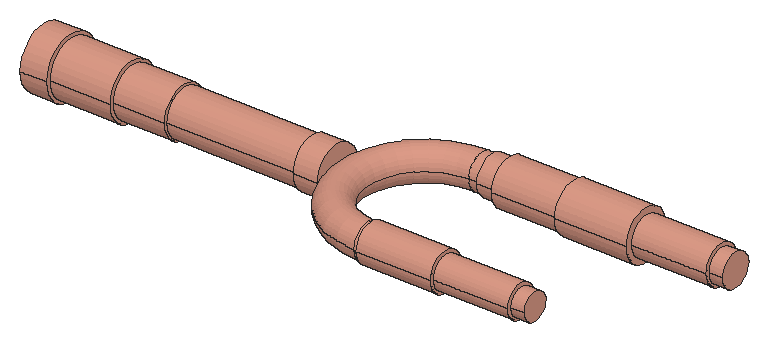
Revit family "outputfile", category 配管付属品, Revit 2024
Family settings
  丸型コネクタ寸法 = 半径を使用
  パーツ タイプ = 標準
  OmniClass 番号 = 23.65.55.00
  OmniClass タイトル = Distribution of Supplied Liquids/Gases
  作業面ベース = いいえ
  常に垂直 = はい
  ロード時にボイドで切り取り = いいえ
  共有 = いいえ
Parameters (values of type "KHRP24B72T")
  Description = ""
  製造元 = "Daikin"
  書き出し IFC クラス(タイプ) = "IfcPipeFittingType"
  定義済み IFC タイプ(タイプ) = "JUNCTION"
  Cost = 0
  Type Comments = ""
  Keynote = ""
  Type Image = (empty or 0)
  Assembly Code = ""
  switch_StraightPipe_Reducer2 [instance] = if(Is_StraightPipe Reducer = 1, 1 = 1, 1 = 0)  # no
  switch_StraightPipe1 [instance] = if(number_StraightPipe < 1, 1 = 0, 1 = 1)  # yes
  switch_StraightPipe4 [instance] = if(number_StraightPipe = 4, 1 = 1, 1 = 0)  # yes
  switch_StraightPipe0 = if(1 = 1, 1 = 1, 1 = 0)  # yes
  switch_Inlet pipe1 [instance] = if(number_InletPipe = 0, 1 = 0, 1 = 1)  # yes
  switch_BranchPipe1 [instance] = if(number_BranchPipe = 0, 1 = 0, 1 = 1)  # yes
  mm⇔inch [instance] = yes
  l_dividePipe2 [instance] = size_lookup(table_Inlet, "L_devidePipe2", 49.3 mm, モデル)  # 51.08 mm
  l_dividePipe0 [instance] = 9.1 mm
  l_StraightPipe000 [instance] = if(l_StraightPipe0 = 36.0 mm, l_StraightPipe4 + l_StraightPipe0, 0.0 mm)  # 0.0 mm
  l_StraightPipe4 [instance] = size_lookup(table_StraightPipe, "L_Pipe4", 2.0 mm, モデル)  # 8.0 mm
  l_InletPipe000 [instance] = if(l_InletPipe3 = 2.0 mm, 0.0 mm, l_InletPipe3)  # 15.01 mm
  l_InletPipe00 = 13.48 mm
  l_BranchPipe_Straight2 [instance] = size_lookup(table_BranchPipe, "L_offsetPipe2", 2.0 mm, モデル)  # 2.0 mm
  l_BranchPipe_Straight1 [instance] = size_lookup(table_BranchPipe, "L_offsetPipe1", 2.0 mm, モデル)  # 2.0 mm
  URL = ""
  Is_StraightPipe Reducer1 [instance] = size_lookup(table_StraightPipe, "IsReducer1", 0, モデル, StraightPipe_Gas_ActualDiameter)  # 0
  I.D_StraightPipe4 [instance] = size_lookup(table_StraightPipe, "I.D_PipeSize4", 2.0 mm, モデル)  # 15.9 mm
  I.D_InletPipe000 [instance] = I.D_OutletPipe + 2.0 mm  # 19.05 mm
  I.D_InletPipe00 = 25.5 mm
  既定の高さ = 0.0 mm
  モデル = "KHRP24B72T"
  table_StraightPipe [instance] = if(mm⇔inch, "Refnet Joint_KHRP24B-T_Gas_StraightPipe", "Refnet Joint_KHRP24B-T_Gas_StraightPipe_inch")  # "Refnet Joint_KHRP24B-T_Gas_StraightPipe"
  table_BranchPipe [instance] = if(mm⇔inch, "Refnet Joint_KHRP24B-T_Gas_BranchPipe", "Refnet Joint_KHRP24B-T_Gas_BranchPipe_inch")  # "Refnet Joint_KHRP24B-T_Gas_BranchPipe"
  table_Inlet [instance] = if(mm⇔inch, "Refnet Joint_KHRP24B-T_Gas_Inlet", "Refnet Joint_KHRP24B-T_Gas_Inlet_inch")  # "Refnet Joint_KHRP24B-T_Gas_Inlet"
  switch_StraightPipe_Reducer1 [instance] = if(Is_StraightPipe Reducer1 = 1, 1 = 1, 1 = 0)  # no
  switch_StraightPipe3 [instance] = if(number_StraightPipe < 3, 1 = 0, 1 = 1)  # yes
  switch_StraightPipe2 [instance] = if(number_StraightPipe < 2, 1 = 0, 1 = 1)  # yes
  switch_BranchPipe_Reducer [instance] = if(Is_BranchPipe Reducer = 1, 1 = 1, 1 = 0)  # no
  switch_BranchPipe3 [instance] = if(number_BranchPipe = 3, 1 = 1, 1 = 0)  # yes
  switch_BranchPipe2 [instance] = if(number_BranchPipe < 2, 1 = 0, 1 = 1)  # yes
  switch_Inlet pipe_Reducer [instance] = if(Is_Inlet Reducer = 1, 1 = 1, 1 = 0)  # no
  switch_Inlet pipe3 [instance] = if(number_InletPipe = 3, 1 = 1, 1 = 0)  # yes
  switch_Inlet pipe2 [instance] = if(number_InletPipe < 2, 1 = 0, 1 = 1)  # yes
  Uniclass2015Version = "Products v1.31"
  Uniclass2015Title = "Copper pipe fittings"
  Uniclass2015Code = "Pr_65_52_63_18"
  StraightPipe_Gas_ActualDiameter [instance] = 15.9 mm
  Material_Piping = DAIKIN_Copper_Pipe
  Material_Insulation = DAIKIN_White_Insulation
  lw_Insulation [instance] = size_lookup(table_Inlet, "lw_Insulation", 45.0 mm, モデル)  # 58.39 mm
  Unit Type = "KHRP24B-T_Gas"
  Tag No. [instance] = ""
  StraightPipe_Gas_Status [instance] = size_lookup(table_StraightPipe, "Information", "The connected pipe size is not available.", モデル, StraightPipe_Gas_ActualDiameter)  # "Default connector size is used."
  Link_Nested Family [instance] = ""
  Inlet_Gas_Actual Diameter [instance] = 31.8 mm
  IfcVersion = ""
  IfcExportType = "JUNCTION"
  IfcExportAs = "IfcPipeFittingType"
  BranchPipe_Gas_Status [instance] = size_lookup(table_BranchPipe, "Information", "The connected pipe size is not available.", モデル, BranchPipe_Gas_ActualDiameter)  # "Default connector size is used."
  Inlet_Gas_Status [instance] = size_lookup(table_Inlet, "Information", "The connected pipe size is not available.", モデル, Inlet_Gas_Actual Diameter)  # "Default connector size is used."
  Series = "Refnet Joint"
  r_StraightPipe_Connector [instance] = StraightPipe_Gas_ActualDiameter / 2  # 7.95 mm
  r_BranchPipe_Connector [instance] = BranchPipe_Gas_ActualDiameter / 2  # 6.35 mm
  r_Inlet_Connector [instance] = Inlet_Gas_Actual Diameter / 2  # 15.9 mm
  number_StraightPipe [instance] = size_lookup(table_StraightPipe, "pipeNumber", 2, モデル, StraightPipe_Gas_ActualDiameter)  # 4
  number_BranchPipe [instance] = size_lookup(table_BranchPipe, "pipeNumber", 2, モデル, BranchPipe_Gas_ActualDiameter)  # 3
  number_InletPipe [instance] = size_lookup(table_Inlet, "pipeNumber", 3, モデル, Inlet_Gas_Actual Diameter)  # 3
  l_BranchPipe connector [instance] = size_lookup(table_BranchPipe, "Length", 52.3 mm, モデル, BranchPipe_Gas_ActualDiameter)  # 91.44 mm
  l_inlet connector [instance] = size_lookup(table_Inlet, "Length", 131.5 mm, モデル, Inlet_Gas_Actual Diameter)  # 163.48 mm
  l_dividePipe1 [instance] = size_lookup(table_Inlet, "L_devidePipe1", 89.3 mm, モデル)  # 54.52 mm
  l_StraightPipeReducer [instance] = size_lookup(table_StraightPipe, "L_Reducer", 2.0 mm, モデル, StraightPipe_Gas_ActualDiameter)  # 2.0 mm
  l_StraightPipe3 [instance] = size_lookup(table_StraightPipe, "L_Pipe3", 2.0 mm, モデル)  # 42.0 mm
  l_StraightPipe2 [instance] = size_lookup(table_StraightPipe, "L_Pipe2", 8.7 mm, モデル)  # 40.0 mm
  l_StraightPipe1 [instance] = size_lookup(table_StraightPipe, "L_Pipe1", 43.6 mm, モデル)  # 36.0 mm
  l_StraightPipe0 [instance] = size_lookup(table_StraightPipe, "L_Pipe0", 2.0 mm, モデル)  # 10.0 mm
  l_StraightPipe connector [instance] = size_lookup(table_StraightPipe, "Length", 52.3 mm, モデル, StraightPipe_Gas_ActualDiameter)  # 136.0 mm
  l_BranchPipe Reducer [instance] = size_lookup(table_BranchPipe, "L_Reducer", 2.0 mm, モデル, BranchPipe_Gas_ActualDiameter)  # 2.0 mm
  l_BranchPipe3 [instance] = size_lookup(table_BranchPipe, "L_Pipe3", 2.0 mm, モデル)  # 8.0 mm
  l_BranchPipe2 [instance] = size_lookup(table_BranchPipe, "L_Pipe2", 8.7 mm, モデル)  # 42.0 mm
  l_BranchPipe1 [instance] = size_lookup(table_BranchPipe, "L_Pipe1", 43.6 mm, モデル)  # 41.44 mm
  l_BranchPipe0 [instance] = size_lookup(table_BranchPipe, "L_Pipe0", 2.0 mm, モデル)  # 2.0 mm
  l_InletReducer [instance] = size_lookup(table_Inlet, "L_Reducer", 2.0 mm, モデル, Inlet_Gas_Actual Diameter)  # 2.0 mm
  l_InletPipe3 [instance] = size_lookup(table_Inlet, "L_Pipe3", 8.0 mm, モデル)  # 15.01 mm
  l_InletPipe2 [instance] = size_lookup(table_Inlet, "L_Pipe2", 42.0 mm, モデル)  # 34.01 mm
  l_InletPipe1 [instance] = size_lookup(table_Inlet, "L_Pipe1", 41.4 mm, モデル)  # 29.09 mm
  l_InletPipe0 [instance] = size_lookup(table_Inlet, "L_Pipe0", 28.6 mm, モデル)  # 71.89 mm
  center_StraightPipe [instance] = size_lookup(table_StraightPipe, "center_Pipe", 40.0 mm, モデル)  # 40.0 mm
  center_BranchPipe [instance] = size_lookup(table_BranchPipe, "center_OffsetPipe", 40.0 mm, モデル)  # 40.0 mm
  StraightPipe_Gas_AvailableDiameter [instance] = size_lookup(table_StraightPipe, "sizeVariation", "", モデル)  # "15.9/19.1/22.2/25.4/28.6mm"
  BranchPipe_Gas_AvailableDiameter [instance] = size_lookup(table_BranchPipe, "sizeVariation", "", モデル)  # "12.7/15.9/19.1/22.2mm"
  Inlet_Gas_Available Diameter [instance] = size_lookup(table_Inlet, "sizeVariation", "", モデル)  # "25.4/28.6/31.8mm"
  O.D_StraightPipe Reducer [instance] = size_lookup(table_StraightPipe, "O.D_reducer", 2.0 mm, モデル, StraightPipe_Gas_ActualDiameter)  # 2.0 mm
  O.D_Offset Outlet Reducer [instance] = size_lookup(table_BranchPipe, "O.D_reducer", 2.0 mm, モデル, BranchPipe_Gas_ActualDiameter)  # 2.0 mm
  O.D_Inlet Reducer [instance] = size_lookup(table_Inlet, "O.D_reducer", 2.0 mm, モデル, Inlet_Gas_Actual Diameter)  # 2.0 mm
  Is_StraightPipe Reducer [instance] = size_lookup(table_StraightPipe, "IsReducer", 0, モデル, StraightPipe_Gas_ActualDiameter)  # 0
  Is_BranchPipe Reducer [instance] = size_lookup(table_BranchPipe, "IsReducer", 0, モデル, BranchPipe_Gas_ActualDiameter)  # 0
  Is_Inlet Reducer [instance] = size_lookup(table_Inlet, "IsReducer", 0, モデル, Inlet_Gas_Actual Diameter)  # 0
  BranchPipe_Gas_ActualDiameter [instance] = 12.7 mm
  Attach_Insulation [instance] = no
  I.D_StraightPipe3 [instance] = size_lookup(table_StraightPipe, "I.D_PipeSize3", 2.0 mm, モデル)  # 19.1 mm
  I.D_StraightPipe2 [instance] = size_lookup(table_StraightPipe, "I.D_PipeSize2", 12.7 mm, モデル)  # 25.4 mm
  I.D_StraightPipe1 [instance] = size_lookup(table_StraightPipe, "I.D_PipeSize1", 15.9 mm, モデル)  # 23.4 mm
  I.D_StraightPipe0 [instance] = size_lookup(table_StraightPipe, "I.D_PipeSize0", 2.0 mm, モデル)  # 19.1 mm
  I.D_BranchPipe3 [instance] = size_lookup(table_BranchPipe, "I.D_PipeSize3", 2.0 mm, モデル)  # 12.7 mm
  I.D_BranchPipe2 [instance] = size_lookup(table_BranchPipe, "I.D_PipeSize2", 12.7 mm, モデル)  # 15.9 mm
  I.D_BranchPipe1 [instance] = size_lookup(table_BranchPipe, "I.D_PipeSize1", 15.9 mm, モデル)  # 19.1 mm
  I.D_BranchPipe0 [instance] = size_lookup(table_BranchPipe, "I.D_PipeSize0", 2.0 mm, モデル)  # 2.0 mm
  I.D_Straight Reducer [instance] = size_lookup(table_StraightPipe, "I.D_reducer", 2.0 mm, モデル, StraightPipe_Gas_ActualDiameter)  # 2.0 mm
  I.D_OutletPipe [instance] = size_lookup(table_Inlet, "I.D_OutletPipeSize", 13.9 mm, モデル, Inlet_Gas_Actual Diameter)  # 17.05 mm
  I.D_Branch Reducer [instance] = size_lookup(table_BranchPipe, "I.D_reducer", 2.0 mm, モデル, BranchPipe_Gas_ActualDiameter)  # 2.0 mm
  I.D_Inlet Reducer [instance] = size_lookup(table_Inlet, "I.D_reducer", 2.0 mm, モデル, Inlet_Gas_Actual Diameter)  # 2.0 mm
  I.D_InletPipe3 [instance] = size_lookup(table_Inlet, "I.D_PipeSize3", 12.7 mm, モデル)  # 31.8 mm
  I.D_InletPipe2 [instance] = size_lookup(table_Inlet, "I.D_PipeSize2", 15.9 mm, モデル)  # 28.6 mm
  I.D_InletPipe1 [instance] = size_lookup(table_Inlet, "I.D_PipeSize1", 19.1 mm, モデル)  # 25.4 mm
  I.D_InletPipe0 [instance] = size_lookup(table_Inlet, "I.D_PipeSize0", 17.1 mm, モデル)  # 23.4 mm
Reference planes
  plane 1 "Center (Front/Back)": y = 0
  plane 2: z = 0
  plane 3 "base_left": x = 0
  plane 4: x = 15.01
  plane 5: x = 49.02
  plane 6: x = 78.11
  plane 7: x = 150
  plane 8: x = 163.48
  plane 9 "l_dividePipe1": x = 218
  plane 10: x = 228
  plane 11 "center_straight outlet": y = 40
  plane 12 "center2_offset outlet": y = -40
  plane 13: x = 264
  plane 14: x = 304
  plane 15: x = 256
  plane 16: x = 298
  plane 17: x = 346
  plane 18: x = 306
  plane 19 "Reducer_straightoutlet": x = 306
  plane 20 "connector1": x = 354
  plane 21 "Inlet_connector": x = 0
  plane 22 "Left_Insulation": x = 105.09
  plane 23: x = 172.58
  plane 24 "l_dividePipe2": x = 214.56
  plane 25: x = 212.58
  plane 26 "2": x = 15.01
  plane 27: x = 354
Forms (mm)
  Sweep 1, solid, material "DAIKIN_Copper_Pipe" <- "Material_Piping"
    path origin (0, 0, 0) x (1, 0, 0) y (0, 1, 0)
      loop
        line (214.56, -40) -> (212.58, -40)
        arc (212.58, -40) -> (172.58, 0) -> (212.58, 40) r 40
        line (212.58, 40) -> (218, 40)
    profile origin (215.29, 40, 0) x (0, 1, 0) y (0, 0, 1)
      loop
        circle (0, 0) r 9.525
Dimensions and locks
  "l_InletPipe3": plane 3 "base_left" to plane 4
  "l_InletPipe2": plane 26 "2" to plane 5
  "l_InletPipe1": plane 5 to plane 6
  "l_InletPipe0": plane 6 to plane 7
  "l_InletPipe00": plane 7 to plane 8
  "center_StraightPipe": plane 1 "Center (Front/Back)" to plane 11 "center_straight outlet"
  "center_BranchPipe": plane 12 "center2_offset outlet" to plane 1 "Center (Front/Back)"
  "l_dividePipe1": plane 8 to plane 9 "l_dividePipe1"
  "l_StraightPipe1": plane 10 to plane 13
  "l_BranchPipe2": plane 15 to plane 16
  "l_StraightPipe3": plane 14 to plane 17
  "l_BranchPipe3": plane 16 to plane 18
  "l_BranchPipe connector": plane 24 "l_dividePipe2" to plane 19 "Reducer_straightoutlet"
  "l_StraightPipe connector": plane 9 "l_dividePipe1" to plane 20 "connector1"
  "l_inlet connector": plane 21 "Inlet_connector" to plane 8
  "lw_Insulation": plane 22 "Left_Insulation" to plane 8
  "l_dividePipe0": plane 8 to plane 23
  "l_dividePipe2": plane 8 to plane 24 "l_dividePipe2"
  "l_BranchPipe1": plane 24 "l_dividePipe2" to plane 15
  "center_StraightPipe": plane 23 to plane 25
  "l_InletPipe000": plane 3 "base_left" to plane 26 "2"
  "l_StraightPipe0": plane 9 "l_dividePipe1" to plane 10
  "l_StraightPipe2": plane 13 to plane 14
  "l_StraightPipe4": plane 17 to plane 27
  "center_StraightPipe": radius of Sweep 1 sketch curve
  "I.D_InletPipe000": diameter of Sweep 1 sketch curve
  aligned and locked: level to plane 2
  aligned and locked: plane 8 to nested 1
  aligned and locked: plane 1 "Center (Front/Back)" to nested 1
  aligned and locked: plane 11 "center_straight outlet" to nested 2
  aligned and locked: nested 2 to plane 9 "l_dividePipe1"
  aligned and locked: plane 12 "center2_offset outlet" to nested 3
  aligned and locked: nested 4 to plane 1 "Center (Front/Back)"
  aligned and locked: nested 5 to plane 12 "center2_offset outlet"
  aligned and locked: plane 20 "connector1" to nested 6
  aligned and locked: nested 6 to plane 11 "center_straight outlet"
  aligned and locked: nested 4 to plane 21 "Inlet_connector"
  aligned and locked: plane 19 "Reducer_straightoutlet" to nested 5
  aligned and locked: plane 1 "Center (Front/Back)" to nested 7
  aligned and locked: plane 22 "Left_Insulation" to nested 7
  aligned and locked: plane 1 "Center (Front/Back)" to Sweep 1 sketch curve
  aligned and locked: plane 9 "l_dividePipe1" to Sweep 1 sketch curve
  aligned and locked: plane 25 to Sweep 1 sketch curve
  aligned and locked: plane 24 "l_dividePipe2" to nested 3
  aligned and locked: nested 8 to plane 11 "center_straight outlet"
  aligned and locked: plane 24 "l_dividePipe2" to Sweep 1 sketch curve
  aligned and locked: plane 1 "Center (Front/Back)" to nested 9
  aligned and locked: nested 9 to plane 8
  aligned and locked: nested 9 to plane 7
  aligned and locked: plane 2 to nested 9
  aligned and locked: nested 10 to plane 7
  aligned and locked: plane 1 "Center (Front/Back)" to nested 10
  aligned and locked: plane 6 to nested 10
  aligned and locked: plane 1 "Center (Front/Back)" to nested 11
  aligned and locked: plane 6 to nested 11
  aligned and locked: plane 5 to nested 11
  aligned and locked: plane 5 to nested 12
  aligned and locked: plane 26 "2" to nested 12
  aligned and locked: plane 3 "base_left" to nested 13
  aligned and locked: plane 4 to nested 13
  aligned and locked: plane 24 "l_dividePipe2" to nested 14
  aligned and locked: nested 14 to plane 12 "center2_offset outlet"
  aligned and locked: plane 15 to nested 14
  aligned and locked: nested 15 to plane 12 "center2_offset outlet"
  aligned and locked: plane 15 to nested 15
  aligned and locked: plane 16 to nested 15
  aligned and locked: nested 16 to plane 12 "center2_offset outlet"
  aligned and locked: plane 16 to nested 16
  aligned and locked: plane 18 to nested 16
  aligned and locked: nested 17 to plane 11 "center_straight outlet"
  aligned and locked: nested 17 to plane 9 "l_dividePipe1"
  aligned and locked: nested 17 to plane 10
  aligned and locked: nested 18 to plane 11 "center_straight outlet"
  aligned and locked: nested 18 to plane 10
  aligned and locked: nested 19 to plane 11 "center_straight outlet"
  aligned and locked: plane 13 to nested 18
  aligned and locked: nested 20 to plane 11 "center_straight outlet"
  aligned and locked: nested 21 to plane 11 "center_straight outlet"
  aligned and locked: plane 17 to nested 21
  aligned and locked: plane 27 to nested 21
  aligned and locked: plane 17 to nested 20
  aligned and locked: plane 14 to nested 20
  aligned and locked: plane 14 to nested 19
  aligned and locked: plane 13 to nested 19
  aligned and locked: nested 8 to plane 10
Automatic sketch dimensions
  Sweep 1 sketch curve to level = 0.0 mm
  Sweep 1 sketch curve to profile plane = 0.0 mm
Nested families
  nested 1: "daikin_connector_rotate2" at (163.48, 0, 0) x (0, -1, 0) z (0, 0, 1), length <- "l_inlet connector", type "daikin_connector_rotate2"
    with radius 5.0 mm, length 163.48 mm, angle_vertical 90.00°, show_face no, locaton_mark no
  nested 2: "daikin_connector_rotate2" at (218, 40, 0) x (0, 1, 0) z (0, 0, 1), length <- "l_StraightPipe connector", type "daikin_connector_rotate2"
    with radius 5.0 mm, length 136.0 mm, angle_vertical 90.00°, show_face no, locaton_mark no
  nested 3: "daikin_connector_rotate2" at (214.56, -40, 0) x (0, 1, 0) z (0, 0, 1), length <- "l_BranchPipe connector", type "daikin_connector_rotate2"
    with radius 5.0 mm, length 91.44 mm, angle_vertical 90.00°, show_face no, locaton_mark no
  nested 4: "daikin_Pipe_reducer" at (1, 0, 0) x (-1, 0, 0) z (0, 0, 1), display <- "switch_Inlet pipe_Reducer", length_Pipe <- "l_InletReducer", I.D_Pipe1 <- "I.D_Inlet Reducer", O.D_Pipe2 <- "O.D_Inlet Reducer", type "*"
    with length_Pipe 2.0 mm, display no, O.D_Pipe2 2.0 mm, O.D_Pipe1 4.0 mm, I.D_Pipe2 0.0 mm, I.D_Pipe1 2.0 mm
  nested 5: "daikin_Pipe_reducer" at (305, -40, 0), I.D_Pipe1 <- "I.D_Branch Reducer", O.D_Pipe2 <- "O.D_Offset Outlet Reducer", length_Pipe <- "l_BranchPipe Reducer", display <- "switch_BranchPipe_Reducer", type "*"
    with length_Pipe 2.0 mm, display no, O.D_Pipe2 2.0 mm, O.D_Pipe1 4.0 mm, I.D_Pipe2 0.0 mm, I.D_Pipe1 2.0 mm
  nested 6: "daikin_Pipe_reducer" at (353, 40, 0), I.D_Pipe1 <- "I.D_Straight Reducer", O.D_Pipe2 <- "O.D_StraightPipe Reducer", length_Pipe <- "l_StraightPipeReducer", display <- "switch_StraightPipe_Reducer2", type "*"
    with length_Pipe 2.0 mm, display no, O.D_Pipe2 2.0 mm, O.D_Pipe1 4.0 mm, I.D_Pipe2 0.0 mm, I.D_Pipe1 2.0 mm
  nested 7: "daikin_Insulation_RefnetJoint" at (105.09, 0, 0), I.D_Outlet PipeSize <- "I.D_OutletPipe", type "*"
    with h 49.05 mm, I.D_Outlet PipeSize 17.05 mm, w_Insulation3 40.0 mm, w_Insulation1 43.0 mm, display no
  nested 8: "daikin_Pipe_reducer" at (229, 40, 0), display <- "switch_StraightPipe_Reducer1", length_Pipe <- "l_StraightPipeReducer", type "*"
    with length_Pipe 2.0 mm, display no, O.D_Pipe2 19.1 mm, O.D_Pipe1 24.2 mm, I.D_Pipe2 17.1 mm, I.D_Pipe1 22.2 mm
  nested 9: "daikin_Pipe" at (156.74, 0, 0), I.D_Pipe <- "I.D_InletPipe00", type "*"
    with length_Pipe 13.48 mm, display yes, O.D_Pipe 27.5 mm, I.D_Pipe 25.5 mm
  nested 10: "daikin_Pipe" at (114.055, 0, 0), I.D_Pipe <- "I.D_InletPipe0", type "*"
    with length_Pipe 71.89 mm, display yes, O.D_Pipe 25.4 mm, I.D_Pipe 23.4 mm
  nested 11: "daikin_Pipe" at (63.565, 0, 0), I.D_Pipe <- "I.D_InletPipe1", display <- "switch_Inlet pipe1", type "*"
    with length_Pipe 29.09 mm, display yes, O.D_Pipe 27.4 mm, I.D_Pipe 25.4 mm
  nested 12: "daikin_Pipe" at (32.015, 0, 0), I.D_Pipe <- "I.D_InletPipe2", display <- "switch_Inlet pipe2", type "*"
    with length_Pipe 34.01 mm, display yes, O.D_Pipe 30.6 mm, I.D_Pipe 28.6 mm
  nested 13: "daikin_Pipe" at (7.505, 0, 0), I.D_Pipe <- "I.D_InletPipe3", display <- "switch_Inlet pipe3", type "*"
    with length_Pipe 15.01 mm, display yes, O.D_Pipe 33.8 mm, I.D_Pipe 31.8 mm
  nested 14: "daikin_Pipe" at (235.28, -40, 0), I.D_Pipe <- "I.D_BranchPipe1", display <- "switch_BranchPipe1", type "*"
    with length_Pipe 41.44 mm, display yes, O.D_Pipe 21.1 mm, I.D_Pipe 19.1 mm
  nested 15: "daikin_Pipe" at (277, -40, 0), I.D_Pipe <- "I.D_BranchPipe2", display <- "switch_BranchPipe2", type "*"
    with length_Pipe 42.0 mm, display yes, O.D_Pipe 17.9 mm, I.D_Pipe 15.9 mm
  nested 16: "daikin_Pipe" at (302, -40, 0), I.D_Pipe <- "I.D_BranchPipe3", display <- "switch_BranchPipe3", type "*"
    with length_Pipe 8.0 mm, display yes, O.D_Pipe 14.7 mm, I.D_Pipe 12.7 mm
  nested 17: "daikin_Pipe" at (223, 40, 0), I.D_Pipe <- "I.D_StraightPipe0", display <- "switch_StraightPipe0", type "*"
    with length_Pipe 10.0 mm, display yes, O.D_Pipe 21.1 mm, I.D_Pipe 19.1 mm
  nested 18: "daikin_Pipe" at (246, 40, 0), I.D_Pipe <- "I.D_StraightPipe1", display <- "switch_StraightPipe1", type "*"
    with length_Pipe 36.0 mm, display yes, O.D_Pipe 25.4 mm, I.D_Pipe 23.4 mm
  nested 19: "daikin_Pipe" at (284, 40, 0), I.D_Pipe <- "I.D_StraightPipe2", display <- "switch_StraightPipe2", type "*"
    with length_Pipe 40.0 mm, display yes, O.D_Pipe 27.4 mm, I.D_Pipe 25.4 mm
  nested 20: "daikin_Pipe" at (325, 40, 0), I.D_Pipe <- "I.D_StraightPipe3", display <- "switch_StraightPipe3", type "*"
    with length_Pipe 42.0 mm, display yes, O.D_Pipe 21.1 mm, I.D_Pipe 19.1 mm
  nested 21: "daikin_Pipe" at (350, 40, 0), I.D_Pipe <- "I.D_StraightPipe4", display <- "switch_StraightPipe4", type "*"
    with length_Pipe 8.0 mm, display yes, O.D_Pipe 17.9 mm, I.D_Pipe 15.9 mm
Connectors
  piping at (0, 0, 0), diameter 31.8, driven by "r_Inlet_Connector"
    settings: on nested 1, index 1, connector inside diameter 609.6 mm, connector length 0.0 mm, flow factor 0, pipe flow 0.00 m³/h, pressure drop 0.0 Pa, fitting loss kfactor 0, connector angle 0.00°, fixture units 0, engagement length 0.0 mm, angle of deflection 0.00°, flow configuration 0, flow direction 2, fitting loss method 0, system type 29, joint type 0, gender type 0, connector reference index -1, connector utility 0, adjustable connector no, is connector primary yes, connector description "Refnet Joint_Inlet_Gas"
  piping at (306, -40, 0), diameter 12.7, driven by "r_BranchPipe_Connector"
    settings: on nested 3, index 2, connector inside diameter 609.6 mm, connector length 0.0 mm, flow factor 0, pipe flow 0.00 m³/h, pressure drop 0.0 Pa, fitting loss kfactor 0, connector angle 0.00°, fixture units 0, engagement length 0.0 mm, angle of deflection 0.00°, flow configuration 0, flow direction 1, fitting loss method 0, system type 29, joint type 0, gender type 0, connector reference index -1, connector utility 0, adjustable connector no, is connector primary no, connector description "Refnet Joint_Outlet Branch_Gas"
  piping at (354, 40, 0), diameter 15.9, driven by "r_StraightPipe_Connector"
    settings: on nested 2, index 3, connector inside diameter 609.6 mm, connector length 0.0 mm, flow factor 0, pipe flow 0.00 m³/h, pressure drop 0.0 Pa, fitting loss kfactor 0, connector angle 0.00°, fixture units 0, engagement length 0.0 mm, angle of deflection 0.00°, flow configuration 0, flow direction 1, fitting loss method 0, system type 29, joint type 0, gender type 0, connector reference index -1, connector utility 0, adjustable connector no, is connector primary no, connector description "Refnet Joint_Outlet Straight_Gas"
Definition of nested family "daikin_Pipe"
  Parameters (values of type "*")
    Default Elevation = 0.0 mm
    material = none
    length_Pipe [instance] = 150.0 mm
    display [instance] = yes
    O.D_Pipe [instance] = I.D_Pipe + 2.0 mm  # 27.0 mm
    I.D_Pipe [instance] = 25.0 mm
  Reference planes
    plane 1 "Center (Front/Back)": y = 0
    plane 2 "center(vertical)": z = 0
    plane 3 "Center (Left/Right)": x = 0
    plane 4 "left": x = -75
    plane 5 "right": x = 75
  Forms (mm)
    Extrusion 1, solid, material <- "material", visible <- "display"
      sketch origin (0, 0, 0) x (0, 1, 0) y (0, 0, 1)
        loop
          circle (0, 0) r 13.5
      from -75 to 75
  Dimensions and locks
    equal spacing: plane 4 "left", plane 3 "Center (Left/Right)", plane 5 "right"
    "length_Pipe": plane 4 "left" to plane 5 "right"
    "O.D_Pipe": diameter of Extrusion 1 sketch curve
    aligned and locked: level to plane 2 "center(vertical)"
    aligned and locked: plane 2 "center(vertical)" to Extrusion 1 sketch curve
    aligned and locked: plane 1 "Center (Front/Back)" to Extrusion 1 sketch curve
    aligned and locked: plane 5 "right" to Extrusion 1
    aligned and locked: Extrusion 1 to plane 4 "left"
Definition of nested family "daikin_connector_rotate2"
  Parameters (values of type "daikin_connector_rotate2")
    show_face = yes
    radius [instance] = 10.0 mm
    locaton_mark = yes
    length [instance] = 600.0 mm
    d_surface = 10.0 mm
    angle_vertical [instance] = 90.00°
    Default Elevation = 0.0 mm
  Reference planes
    plane 1 "Center (Front/Back)": y = 0
    plane 2: z = 0
    plane 3 "Center (Left/Right)": x = 0
  Forms (mm)
    Extrusion 1, solid, visible <- "show_face"
      sketch origin (0, -600, 0) x (1, 0, 0) y (0, 0, 1)
        loop
          circle (0, 0) r 10
      from 0 to -10
  Lines and regions (mm)
    reference lines
      curve 1: line (0, 0, 0) -> (0, -600, 0)
    symbolic lines, visible <- "locaton_mark"
      curve 2: circle (0, 0, 0) r 5 normal (0, 0, 1)
    model lines, visible <- "show_face"
      curve 3: line (0, 0, 0) -> (0, -600, 0)
  Dimensions and locks
    "length": curve 1 to curve 1
    "length": curve 3 to curve 3
    "d_surface": Extrusion 1 to Extrusion 1
    "radius": radius of Extrusion 1 sketch curve
    "angle_vertical": angle curve 1 to plane 1 "Center (Front/Back)"
    "angle_vertical": angle curve 3 to plane 1 "Center (Front/Back)"
    aligned and locked: level to plane 2
    aligned and locked: plane 1 "Center (Front/Back)" to curve 1
    aligned and locked: plane 2 to curve 1
    aligned and locked: plane 1 "Center (Front/Back)" to curve 2
    aligned and locked: plane 3 "Center (Left/Right)" to curve 2
    aligned and locked: plane 1 "Center (Front/Back)" to curve 3
    aligned and locked: plane 2 to curve 3
    aligned and locked: Extrusion 1 to Extrusion 1
  Automatic sketch dimensions
    Extrusion 1 sketch curve to level = 0.0 mm
    Extrusion 1 sketch curve to plane 3 "Center (Left/Right)" = 0.0 mm
    radius of curve 2 = 5.0 mm
Definition of nested family "daikin_Pipe_reducer"
  Parameters (values of type "*")
    Default Elevation = 0.0 mm
    material = none
    length_Pipe [instance] = 250.0 mm
    display [instance] = yes
    O.D_Pipe2 [instance] = 19.1 mm
    O.D_Pipe1 [instance] = I.D_Pipe1 + 2.0 mm  # 24.2 mm
    I.D_Pipe2 [instance] = O.D_Pipe2 - 2.0 mm  # 17.1 mm
    I.D_Pipe1 [instance] = 22.2 mm
  Reference planes
    plane 1 "Center (Front/Back)": y = 0
    plane 2 "center(vertical)": z = 0
    plane 3 "Center (Left/Right)": x = 0
    plane 4 "connection": x = -125
    plane 5 "right": x = 113
    plane 6: x = 125
  Forms (mm)
    Extrusion 1, solid, material <- "material", visible <- "display"
      sketch origin (0, 0, 0) x (0, 1, 0) y (0, 0, 1)
        loop
          circle (0, 0) r 9.55
      from -125 to 113
    Extrusion 2, solid, material <- "material", visible <- "display"
      sketch origin (0, 0, 0) x (0, 1, 0) y (0, 0, 1)
        loop
          circle (0, 0) r 12.1
      from 113 to 125
  Dimensions and locks
    locked: plane 5 "right" to plane 6 at 12
    "length_Pipe": plane 4 "connection" to plane 6
    equal spacing: plane 4 "connection", plane 3 "Center (Left/Right)", plane 6
    "O.D_Pipe2": diameter of Extrusion 1 sketch curve
    "O.D_Pipe1": diameter of Extrusion 2 sketch curve
    aligned and locked: level to plane 2 "center(vertical)"
    aligned and locked: plane 2 "center(vertical)" to Extrusion 1 sketch curve
    aligned and locked: plane 1 "Center (Front/Back)" to Extrusion 1 sketch curve
    aligned and locked: plane 5 "right" to Extrusion 1
    aligned and locked: Extrusion 1 to plane 4 "connection"
    aligned and locked: plane 2 "center(vertical)" to Extrusion 2 sketch curve
    aligned and locked: plane 1 "Center (Front/Back)" to Extrusion 2 sketch curve
    aligned and locked: Extrusion 2 to plane 5 "right"
    aligned and locked: plane 6 to Extrusion 2
Definition of nested family "daikin_Insulation_RefnetJoint"
  Parameters (values of type "*")
    Default Elevation = 0.0 mm
    Model = "KHRP24B22T"
    w_Insulation3 = size_lookup(table_Insulation, "w_Insulation3", 16.0 mm, Model)  # 35.0 mm
    w_Insulation2 = size_lookup(table_Insulation, "w_Insulation2", 77.0 mm, Model)  # 77.0 mm
    w_Insulation1 = size_lookup(table_Insulation, "w_Insulation1", 28.0 mm, Model)  # 28.0 mm
    table_Insulation = "Refnet Joint_KHRP24B-T_Gas_Insulation"  # constant formula
    r_Insulation = 72.0 mm  # constant formula
    material = none
    h [instance] = (I.D_Outlet PipeSize + 2.0 mm) + 30.0 mm  # 47.0 mm
    display = yes
    d_Insulation3 = size_lookup(table_Insulation, "d_Insulation3", 16.0 mm, Model)  # 16.0 mm
    d_Insulation2 = size_lookup(table_Insulation, "d_Insulation2", 64.0 mm, Model)  # 64.0 mm
    d_Insulation1 = size_lookup(table_Insulation, "d_Insulation1", 144.0 mm, Model)  # 144.0 mm
    I.D_Outlet PipeSize [instance] = 15.0 mm
  Reference planes
    plane 1 "Center (Front/Back)": y = 0
    plane 2: z = 0
    plane 3 "Left": x = 0
    plane 4 "top": z = 23.5
    plane 5 "bottom": z = -23.5
    plane 6: x = 28
    plane 7: y = 32
    plane 8: y = -32
    plane 9: y = 72
    plane 10: y = -72
    plane 11: x = 105
    plane 12: x = 140
    plane 13: y = 8
    plane 14: y = -8
  Forms (mm)
    Extrusion 1, solid, material <- "material", visible <- "display"
      sketch origin (-2, 0, 0) x (1, 0, 0) y (0, 1, 0)
        loop
          arc (94.498, 72) -> (56.551, 61.188) -> (30, 32) r 72
          line (30, 32) -> (2, 32) -> (2, -32) -> (30, -32)
          arc (30, -32) -> (56.551, -61.188) -> (94.498, -72) r 72
          line (94.498, -72) -> (142, -72) -> (142, -8) -> (107, -8) -> (107, 8) -> (142, 8) -> (142, 72) -> (94.498, 72)
      from -23.5 to 23.5
  Dimensions and locks
    equal spacing: plane 4 "top", plane 2, plane 5 "bottom"
    "h": plane 4 "top" to plane 5 "bottom"
    "d_Insulation2": plane 7 to plane 8
    "d_Insulation1": plane 9 to plane 10
    "w_Insulation2": plane 6 to plane 11
    "w_Insulation3": plane 11 to plane 12
    "d_Insulation3": plane 13 to plane 14
    "w_Insulation1": plane 3 "Left" to plane 6
    equal spacing: plane 9, plane 1 "Center (Front/Back)", plane 10
    equal spacing: plane 7, plane 1 "Center (Front/Back)", plane 8
    equal spacing: plane 13, plane 1 "Center (Front/Back)", plane 14
    "r_Insulation": radius of Extrusion 1 sketch curve  (x2)
    aligned and locked: level to plane 2
    aligned and locked: Extrusion 1 to plane 5 "bottom"
    aligned and locked: plane 4 "top" to Extrusion 1
    aligned and locked: Extrusion 1 sketch curve to plane 10
    aligned and locked: Extrusion 1 sketch curve to plane 9
    aligned and locked: plane 7 to Extrusion 1 sketch curve
    aligned and locked: plane 8 to Extrusion 1 sketch curve
    aligned and locked: Extrusion 1 sketch curve to plane 12  (x2)
    aligned and locked: plane 13 to Extrusion 1 sketch curve
    aligned and locked: Extrusion 1 sketch curve to plane 14
    aligned and locked: Extrusion 1 sketch curve to plane 11
    aligned and locked: Extrusion 1 to plane 3 "Left"
    aligned and locked: plane 6 to Extrusion 1 sketch curve  (x2)
  Automatic sketch dimensions
    Extrusion 1 sketch curve to plane 3 "Left" = 0.0 mm
